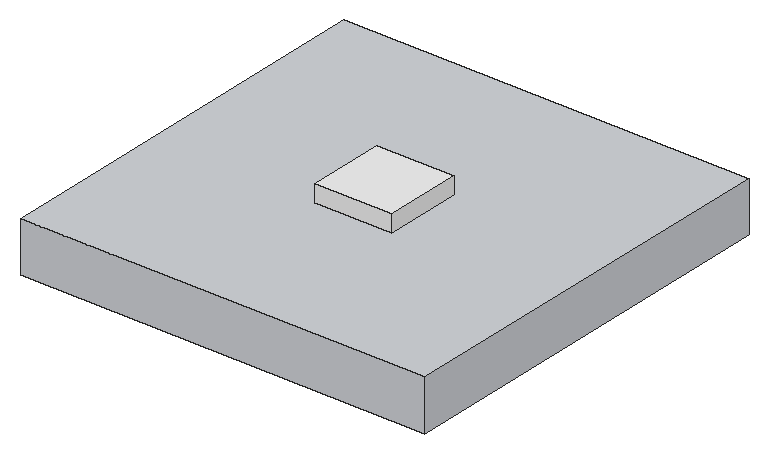
Revit family
Parameters (values of type "467x100x467 mm")
  폭 = 467 mm
  재료 = 아연판 돌출
  두께 = 100 mm
  높이 = 467 mm
  Default Elevation = 1200 mm
Reference planes
  plane 1 "중심(앞/뒤)": y = 0
  plane 2: z = 0
  plane 3 "중심(왼쪽/오른쪽)": x = 0
  plane 4: x = 233.5
  plane 5: x = -233.5
  plane 6: y = -233.5
  plane 7: y = 233.5
  plane 8: z = 100
Forms (mm)
  Extrusion 1, solid
    sketch origin (0, 0, 0) x (1, 0, 0) y (0, 1, 0)
      loop
        line (-1219.2, 1219.2) -> (-1219.2, -1219.2) -> (1219.2, -1219.2) -> (1219.2, 1219.2) -> (-1219.2, 1219.2)
    from 0 to -304.8
  Extrusion 2, solid, material "아연판 돌출" <- "재료"
    sketch origin (0, 0, 0) x (1, 0, 0) y (0, 1, 0)
      loop
        line (-233.5, 233.5) -> (-233.5, -233.5) -> (233.5, -233.5) -> (233.5, 233.5) -> (-233.5, 233.5)
    from 0 to 100
Dimensions and locks
  plane 6 to plane 1 "중심(앞/뒤)" to plane 7 = 233.5 mm, 233.5 mm
  "높이": plane 6 to plane 7
  plane 5 to plane 3 "중심(왼쪽/오른쪽)" to plane 4 = 233.5 mm, 233.5 mm
  "폭": plane 5 to plane 4
  "두께": plane 8 to level
  aligned and locked: plane 2 to Extrusion 1
  aligned and locked: level to Extrusion 1
  aligned and locked: plane 5 to Extrusion 2 sketch curve
  aligned and locked: plane 7 to Extrusion 2 sketch curve
  aligned and locked: plane 6 to Extrusion 2 sketch curve
  aligned and locked: Extrusion 2 sketch curve to plane 4
  aligned and locked: Extrusion 2 to plane 8
Automatic sketch dimensions
  Extrusion 1 sketch curve to Extrusion 1 sketch curve = 2438.4 mm  (x2)
